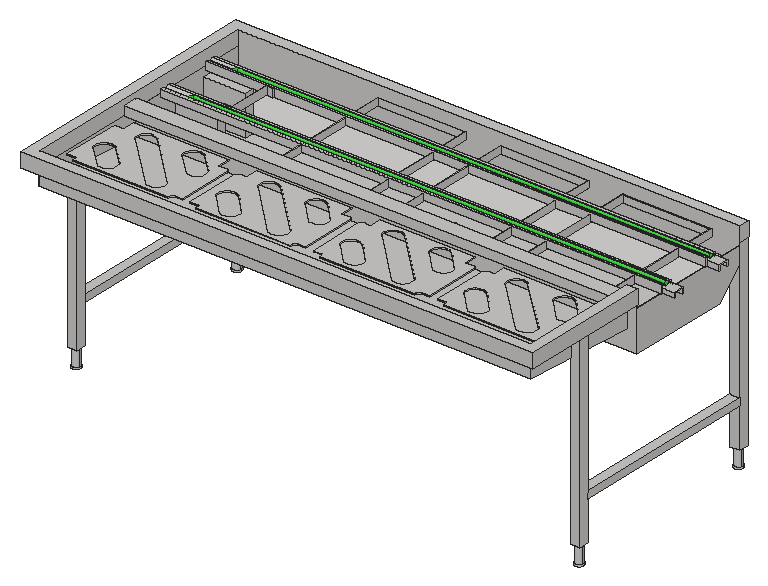
Revit family "QF_ELECTROLUXPROFESSIONAL_865470_HSAS4LR", category Specialty Equipment, Revit 2018
Family settings
  Round Connector Dimension = Use Diameter
  Part Type = Normal
  Work Plane-Based = No
  Always vertical = Yes
  Cut with Voids When Loaded = No
  Shared = No
  Room Calculation Point = No
Parameters (values of type "QF_ELECTROLUX_865470_HSAS4LR")
  Weight = 65.00 kg
  Watts = 0 W
  Volts = 0 V
  URL Manufacturer = "http://professional.electrolux.com"
  URL = "http://professional.electrolux.com"
  Steam Supply Size = 0 mm
  Steam Supply Minimum Pressure = 0.0 Pa
  Steam Supply Maximum Pressure = 0.0 Pa
  Steam Pounds per Hour = 0
  Refrigeration Suction Line Size = 0 mm
  Refrigeration Liquid Line Size = 0 mm
  Refrigerant Compressor Remote = yes
  Manufacturer = "Electrolux"
  Phase = 0
  Model = "HSAS4LR"
  Length Actual = 2130 mm  # constant formula
  Item Number = "865470"
  Hot Water Size = 0 mm
  Height Actual = 910 mm  # constant formula
  HP = "0 HP"
  Gas Size = 0 mm
  Gas KW = 0
  Gas Input Pressure = 0 W
  Description = "AUTOMATIC SORTING TABLE, 4 BASKETS, LEFT>RIGHT, 2130 MM "
  Depth Actual = 1110 mm  # constant formula
  Cycle = 0 Hz
  Condensate Return Size = 0 mm
  Compressed Air Volume = 0.0 L/s
  Compressed Air Size = 0 mm
  Compressed Air Pressure = 0.0 Pa
  Cold Water Size = 0 mm
  Accessory = yes
Reference planes
  plane 1: z = 0
  plane 2 "RIGHT": x = 810
  plane 3: z = 910
  plane 4: z = 0
  plane 5: z = 270
  plane 6 "BACK": y = 310
  plane 7 "FRONT": y = -810
  plane 8 "LEFT": x = -1320
  plane 9 "Center": y = 0
  plane 10: x = -255
  plane 11: y = 0
  plane 12: y = 94.393
  plane 13: y = 134.393
Forms (mm)
  Extrusion 1, solid, material "QF_Finishes_Stainless Steel"
    sketch origin (0, 0, 0) x (-1, 0, 0) y (0, -1, 0)
      loop
        line (1320, 810) -> (-810, 810) -> (-810, 265) -> (-765, 265) -> (-765, 764.81) -> (1275, 764.81) -> (1275, -265) -> (-810, -265) -> (-810, -310) -> (1320, -310) -> (1320, 810)
    from 850.091 to 910
  Extrusion 2, solid, material "QF_Finishes_Stainless Steel"
    sketch origin (0, 0, 0) x (0, 1, 0) y (0, 0, -1)
      loop
        line (-267.466, -666.943) -> (-267.466, -850.091) -> (-265, -850.091) -> (-265, -669.943) -> (161.279, -669.943) -> (265, -775.136) -> (265, -850.091) -> (266.249, -850.091) -> (266.249, -772.13) -> (162.534, -666.943) -> (-267.466, -666.943)
    from -807.022 to 1275
  Revolve 3, solid, material "QF_Finishes_Stainless Steel"
    sketch origin (-255, 0.526, -194.395) x (-1, 0, 0) y (0, 0, -1)
      loop
        line (76.494, -861.337) -> (76.494, -847.59)
        arc (76.494, -847.59) -> (75.89, -845.987) -> (74.39, -845.16) r 2.474
        arc (74.39, -845.16) -> (71.083, -841.301) -> (74.377, -837.43) r 3.913
        arc (74.377, -837.43) -> (75.887, -836.598) -> (76.494, -834.985) r 2.49
        line (76.494, -834.985) -> (76.494, -794.661)
        arc (76.494, -794.661) -> (65.844, -763.962) -> (38.457, -746.476) r 49.516
        line (38.457, -746.476) -> (38.457, -743.987) -> (37.25, -742.336) -> (37.25, -740.749) -> (23.47, -734.749) -> (23.47, -698.838) -> (21.946, -697.377) -> (0, -697.377) -> (0, -861.337) -> (76.494, -861.337)
      axis (0, -861.337) -> (0, -697.377)
    angle from 0 to 360
  Extrusion 4, solid, material "QF_Finishes_Stainless Steel"
    sketch origin (0, 0, 0) x (-1, 0, 0) y (0, -1, 0)
      loop
        line (-765, 330.124) -> (-765, 265) -> (1275, 265) -> (1275, 330.124) -> (-765, 330.124)
    from 850.091 to 888.506
  Extrusion 5, solid, material "QF_Finishes_Stainless Steel"
    sketch origin (6.015, 0, -632.691) x (-1, 0, 0) y (0, -1, 0)
      loop
        line (1283.015, -266.249) -> (1323.015, -266.249) -> (1323.015, 521.738) -> (1283.015, 521.738) -> (1283.015, -266.249)
    from 872.691 to 902.691
  Extrusion 6, solid, material "QF_Finishes_Stainless Steel"
    sketch origin (809.022, 0, 0) x (0, 1, 0) y (0, 0, 1)
      loop
        line (162.534, 666.943) -> (266.249, 772.13) -> (266.249, 850.091) -> (265, 850.091) -> (265, 836.936) -> (-267.466, 836.936) -> (-267.466, 666.943) -> (162.534, 666.943)
    from 0 to -2
  Extrusion 7, solid, material "QF_Finishes_Stainless Steel"
    sketch origin (-513.978, 0.054, -628.981) x (1, 0, 0) y (0, 1, 0)
      loop
        line (1283, 266.195) -> (1283, -521.792) -> (1323, -521.792) -> (1323, 266.195) -> (1283, 266.195)
    from 869.081 to 898.981
  Extrusion 8, solid, material "QF_Finishes_Stainless Steel"
    sketch origin (-1277, 0, 0) x (0, 1, 0) y (0, 0, -1)
      loop
        line (162.534, -666.943) -> (-267.466, -666.943) -> (-267.466, -850.091) -> (265, -850.091) -> (266.249, -850.091) -> (266.249, -772.13) -> (162.534, -666.943)
    from 0 to -2
  Extrusion 9, solid, material "QF_Finishes_Stainless Steel"
    sketch origin (809.022, 0, 0) x (0, 1, 0) y (0, 0, 1)
      loop
        line (94.393, 836.936) -> (94.393, 856.936) -> (134.393, 856.936) -> (134.393, 836.936) -> (136.393, 836.936) -> (136.393, 858.936) -> (92.393, 858.936) -> (92.393, 836.936) -> (94.393, 836.936)
    from -2086.022 to 53.111
  Extrusion 10, solid, material "QF_Finishes_Stainless Steel"
    sketch origin (809.022, 0, 0) x (0, 1, 0) y (0, 0, 1)
      loop
        line (92.393, 836.936) -> (92.393, 866.936) -> (102.393, 866.936) -> (110.393, 858.936) -> (118.393, 858.936) -> (126.393, 866.936) -> (136.393, 866.936) -> (136.393, 836.936) -> (138.393, 836.936) -> (138.393, 868.936) -> (125.565, 868.936) -> (117.565, 860.936) -> (111.221, 860.936) -> (103.221, 868.936) -> (90.393, 868.936) -> (90.393, 836.936) -> (92.393, 836.936)
    from -2084.022 to 0.978
  Extrusion 11, solid, material "QF_Finishes_Stainless Steel"
    sketch origin (809.022, -230, 0) x (0, 1, 0) y (0, 0, 1)
      loop
        line (94.393, 836.936) -> (94.393, 856.936) -> (134.393, 856.936) -> (134.393, 836.936) -> (136.393, 836.936) -> (136.393, 858.936) -> (92.393, 858.936) -> (92.393, 836.936) -> (94.393, 836.936)
    from -2086.022 to 53.111
  Extrusion 12, solid, material "QF_Finishes_Stainless Steel"
    sketch origin (809.022, -230, 0) x (0, 1, 0) y (0, 0, 1)
      loop
        line (92.393, 836.936) -> (92.393, 866.936) -> (102.393, 866.936) -> (110.393, 858.936) -> (118.393, 858.936) -> (126.393, 866.936) -> (136.393, 866.936) -> (136.393, 836.936) -> (138.393, 836.936) -> (138.393, 868.936) -> (125.565, 868.936) -> (117.565, 860.936) -> (111.221, 860.936) -> (103.221, 868.936) -> (90.393, 868.936) -> (90.393, 836.936) -> (92.393, 836.936)
    from -2084.022 to 0.978
  Sweep 13, solid, material "QF_Finishes_Green"
    path origin (299.022, -109.42, 875.352) x (0, 0.0016, 0.999999) y (-1, 0, 0)
      loop
        line (-6.295, -510.978) -> (-6.295, 1449.022)
        arc (-6.295, 1449.022) -> (-15.081, 1470.236) -> (-36.295, 1479.022) r 30
        line (-36.295, 1479.022) -> (-41.295, 1479.022)
    profile origin (-170, -109.431, 869.057) x (0, -0.0016, -0.999999) y (0, -0.999999, 0.0016)
      loop
        circle (1.513, 6.483) r 6.399
  Sweep 14, solid, material "QF_Finishes_Green"
    path origin (299.022, 120.58, 875.352) x (0, 0.0016, 0.999999) y (-1, 0, 0)
      loop
        line (-6.295, -510.978) -> (-6.295, 1449.022)
        arc (-6.295, 1449.022) -> (-15.081, 1470.236) -> (-36.295, 1479.022) r 30
        line (-36.295, 1479.022) -> (-41.295, 1479.022)
    profile origin (-170, 120.569, 869.057) x (0, -0.0016, -0.999999) y (0, -0.999999, 0.0016)
      loop
        circle (1.513, 6.483) r 6.399
  Extrusion 15, solid, material "QF_Finishes_Stainless Steel"
    sketch origin (0, 0, 0) x (1, 0, 0) y (0, 1, 0)
      loop
        line (-662.58, -265) -> (-662.58, -262) -> (-691.789, -262) -> (-691.789, 262) -> (-330.015, 262) -> (-330.015, -262) -> (-359.388, -262) -> (-359.388, -265) -> (-327.015, -265) -> (-327.015, 265) -> (-694.789, 265) -> (-694.789, -265) -> (-662.58, -265)
    from 831.234 to 860.936
  Extrusion 16, solid, material "QF_Finishes_Stainless Steel"
    sketch origin (510, 0, 0) x (1, 0, 0) y (0, 1, 0)
      loop
        line (-662.58, -265) -> (-662.58, -262) -> (-691.789, -262) -> (-691.789, 262) -> (-330.015, 262) -> (-330.015, -262) -> (-359.388, -262) -> (-359.388, -265) -> (-327.015, -265) -> (-327.015, 265) -> (-694.789, 265) -> (-694.789, -265) -> (-662.58, -265)
    from 831.234 to 860.936
  Extrusion 17, solid, material "QF_Finishes_Stainless Steel"
    sketch origin (0, 0, 0) x (1, 0, 0) y (0, 1, 0)
      loop
        line (-1247.085, 53.571) -> (-1072.085, 53.571) -> (-1072.085, 90.393) -> (-1247.085, 90.393) -> (-1247.085, 53.571)
    from 669.943 to 836.936
  Extrusion 18, solid, material "QF_Finishes_Stainless Steel"
    sketch origin (0, -145.178, 0) x (1, 0, 0) y (0, 1, 0)
      loop
        line (-1247.085, 53.571) -> (-1072.085, 53.571) -> (-1072.085, 90.393) -> (-1247.085, 90.393) -> (-1247.085, 53.571)
    from 669.943 to 836.936
  Extrusion 19, solid, material "QF_Finishes_Stainless Steel"
    sketch origin (0, 0, 0) x (1, 0, 0) y (0, 1, 0)
      loop
        line (-1047.085, -91.607) -> (-1015.387, -91.607) -> (-1015.387, 87.393) -> (-987.085, 87.393) -> (-987.085, 90.393) -> (-1018.387, 90.393) -> (-1018.387, -88.607) -> (-1047.085, -88.607) -> (-1047.085, -91.607)
    from 836.936 to 868.936
  Extrusion 20, solid, material "QF_Finishes_Stainless Steel"
    sketch origin (809.022, 0, 0) x (0, 1, 0) y (0, 0, 1)
      loop
        line (-767.81, 850.091) -> (-767.81, 782.048) -> (-267.466, 747.061) -> (-267.466, 850.091) -> (-270.466, 850.091) -> (-270.466, 750.278) -> (-764.81, 784.846) -> (-764.81, 850.091) -> (-767.81, 850.091)
    from -2084.022 to -42
  Extrusion 21, solid, material "QF_Finishes_Stainless Steel"
    sketch origin (809.022, 0, 0) x (0, 1, 0) y (0, 0, 1)
      loop
        line (-767.81, 850.091) -> (-767.81, 782.048) -> (-267.466, 747.061) -> (-267.466, 850.091) -> (-767.81, 850.091)
    from -40 to -42
  Extrusion 22, solid, material "QF_Finishes_Stainless Steel"
    sketch origin (-1319.022, 0, 0) x (0, 1, 0) y (0, 0, -1)
      loop
        line (-767.81, -850.091) -> (-267.466, -850.091) -> (-267.466, -747.061) -> (-767.81, -782.048) -> (-767.81, -850.091)
    from -42.022 to -44.022
  Extrusion 23, solid, material "QF_Finishes_Stainless Steel"
    sketch origin (-5, 0, 842.5) x (1, 0, 0) y (0, 1, 0)
      loop
        line (-1220.383, -339.221) -> (-1220.383, -389.221) -> (-1240.383, -389.221)
        arc (-1240.383, -389.221) -> (-1254.525, -395.078) -> (-1260.383, -409.221) r 20
        line (-1260.383, -409.221) -> (-1260.383, -634.221) -> (-1230.383, -634.221)
        arc (-1230.383, -634.221) -> (-1223.312, -637.149) -> (-1220.383, -644.221) r 10
        line (-1220.383, -644.221) -> (-1220.383, -654.221) -> (-825.383, -654.221) -> (-825.383, -649.221)
        arc (-825.383, -649.221) -> (-820.989, -638.614) -> (-810.383, -634.221) r 15
        line (-810.383, -634.221) -> (-780.383, -634.221) -> (-780.383, -404.221)
        arc (-780.383, -404.221) -> (-784.776, -393.614) -> (-795.383, -389.221) r 15
        line (-795.383, -389.221) -> (-825.383, -389.221) -> (-825.383, -339.221) -> (-1220.383, -339.221)
      loop
        line (-1214.7, -558.44) -> (-1138.92, -634.221)
        arc (-1138.92, -634.221) -> (-1092.336, -627.771) -> (-1085.887, -581.188) r 38.966
        line (-1085.887, -581.188) -> (-1161.667, -505.407)
        arc (-1161.667, -505.407) -> (-1214.7, -505.407) -> (-1214.7, -558.44) r 37.5
      loop
        line (-1146.92, -425.368) -> (-943.092, -629.196)
        arc (-943.092, -629.196) -> (-895.135, -629.379) -> (-883.322, -582.9) r 38.966
        line (-883.322, -582.9) -> (-1093.887, -372.335)
        arc (-1093.887, -372.335) -> (-1146.92, -372.335) -> (-1146.92, -425.368) r 37.5
      loop
        line (-956.718, -418.538) -> (-880.938, -494.319)
        arc (-880.938, -494.319) -> (-834.354, -487.869) -> (-827.905, -441.286) r 38.966
        line (-827.905, -441.286) -> (-903.685, -365.505)
        arc (-903.685, -365.505) -> (-956.718, -365.505) -> (-956.718, -418.538) r 37.5
    from 0 to 3
  Extrusion 24, solid, material "QF_Finishes_Stainless Steel"
    sketch origin (505, 0, 842.5) x (1, 0, 0) y (0, 1, 0)
      loop
        line (-1220.383, -339.221) -> (-1220.383, -389.221) -> (-1240.383, -389.221)
        arc (-1240.383, -389.221) -> (-1254.525, -395.078) -> (-1260.383, -409.221) r 20
        line (-1260.383, -409.221) -> (-1260.383, -634.221) -> (-1230.383, -634.221)
        arc (-1230.383, -634.221) -> (-1223.312, -637.149) -> (-1220.383, -644.221) r 10
        line (-1220.383, -644.221) -> (-1220.383, -654.221) -> (-825.383, -654.221) -> (-825.383, -649.221)
        arc (-825.383, -649.221) -> (-820.989, -638.614) -> (-810.383, -634.221) r 15
        line (-810.383, -634.221) -> (-780.383, -634.221) -> (-780.383, -404.221)
        arc (-780.383, -404.221) -> (-784.776, -393.614) -> (-795.383, -389.221) r 15
        line (-795.383, -389.221) -> (-825.383, -389.221) -> (-825.383, -339.221) -> (-1220.383, -339.221)
      loop
        line (-1214.7, -558.44) -> (-1138.92, -634.221)
        arc (-1138.92, -634.221) -> (-1092.336, -627.771) -> (-1085.887, -581.188) r 38.966
        line (-1085.887, -581.188) -> (-1161.667, -505.407)
        arc (-1161.667, -505.407) -> (-1214.7, -505.407) -> (-1214.7, -558.44) r 37.5
      loop
        line (-1146.92, -425.368) -> (-943.092, -629.196)
        arc (-943.092, -629.196) -> (-895.135, -629.379) -> (-883.322, -582.9) r 38.966
        line (-883.322, -582.9) -> (-1093.887, -372.335)
        arc (-1093.887, -372.335) -> (-1146.92, -372.335) -> (-1146.92, -425.368) r 37.5
      loop
        line (-956.718, -418.538) -> (-880.938, -494.319)
        arc (-880.938, -494.319) -> (-834.354, -487.869) -> (-827.905, -441.286) r 38.966
        line (-827.905, -441.286) -> (-903.685, -365.505)
        arc (-903.685, -365.505) -> (-956.718, -365.505) -> (-956.718, -418.538) r 37.5
    from 0 to 3
  Extrusion 25, solid, material "QF_Finishes_Stainless Steel"
    sketch origin (1020, 0, 842.5) x (1, 0, 0) y (0, 1, 0)
      loop
        line (-1220.383, -339.221) -> (-1220.383, -389.221) -> (-1240.383, -389.221)
        arc (-1240.383, -389.221) -> (-1254.525, -395.078) -> (-1260.383, -409.221) r 20
        line (-1260.383, -409.221) -> (-1260.383, -634.221) -> (-1230.383, -634.221)
        arc (-1230.383, -634.221) -> (-1223.312, -637.149) -> (-1220.383, -644.221) r 10
        line (-1220.383, -644.221) -> (-1220.383, -654.221) -> (-825.383, -654.221) -> (-825.383, -649.221)
        arc (-825.383, -649.221) -> (-820.989, -638.614) -> (-810.383, -634.221) r 15
        line (-810.383, -634.221) -> (-780.383, -634.221) -> (-780.383, -404.221)
        arc (-780.383, -404.221) -> (-784.776, -393.614) -> (-795.383, -389.221) r 15
        line (-795.383, -389.221) -> (-825.383, -389.221) -> (-825.383, -339.221) -> (-1220.383, -339.221)
      loop
        line (-1214.7, -558.44) -> (-1138.92, -634.221)
        arc (-1138.92, -634.221) -> (-1092.336, -627.771) -> (-1085.887, -581.188) r 38.966
        line (-1085.887, -581.188) -> (-1161.667, -505.407)
        arc (-1161.667, -505.407) -> (-1214.7, -505.407) -> (-1214.7, -558.44) r 37.5
      loop
        line (-1146.92, -425.368) -> (-943.092, -629.196)
        arc (-943.092, -629.196) -> (-895.135, -629.379) -> (-883.322, -582.9) r 38.966
        line (-883.322, -582.9) -> (-1093.887, -372.335)
        arc (-1093.887, -372.335) -> (-1146.92, -372.335) -> (-1146.92, -425.368) r 37.5
      loop
        line (-956.718, -418.538) -> (-880.938, -494.319)
        arc (-880.938, -494.319) -> (-834.354, -487.869) -> (-827.905, -441.286) r 38.966
        line (-827.905, -441.286) -> (-903.685, -365.505)
        arc (-903.685, -365.505) -> (-956.718, -365.505) -> (-956.718, -418.538) r 37.5
    from 0 to 3
  Extrusion 26, solid, material "QF_Finishes_Stainless Steel"
    sketch origin (1020, 0, 0) x (1, 0, 0) y (0, 1, 0)
      loop
        line (-662.58, -265) -> (-662.58, -262) -> (-691.789, -262) -> (-691.789, 262) -> (-330.015, 262) -> (-330.015, -262) -> (-359.388, -262) -> (-359.388, -265) -> (-327.015, -265) -> (-327.015, 265) -> (-694.789, 265) -> (-694.789, -265) -> (-662.58, -265)
    from 831.234 to 860.936
  Extrusion 27, solid, material "QF_Finishes_Stainless Steel"
    sketch origin (1535, 0, 842.5) x (1, 0, 0) y (0, 1, 0)
      loop
        line (-1220.383, -339.221) -> (-1220.383, -389.221) -> (-1240.383, -389.221)
        arc (-1240.383, -389.221) -> (-1254.525, -395.078) -> (-1260.383, -409.221) r 20
        line (-1260.383, -409.221) -> (-1260.383, -634.221) -> (-1230.383, -634.221)
        arc (-1230.383, -634.221) -> (-1223.312, -637.149) -> (-1220.383, -644.221) r 10
        line (-1220.383, -644.221) -> (-1220.383, -654.221) -> (-825.383, -654.221) -> (-825.383, -649.221)
        arc (-825.383, -649.221) -> (-820.989, -638.614) -> (-810.383, -634.221) r 15
        line (-810.383, -634.221) -> (-780.383, -634.221) -> (-780.383, -404.221)
        arc (-780.383, -404.221) -> (-784.776, -393.614) -> (-795.383, -389.221) r 15
        line (-795.383, -389.221) -> (-825.383, -389.221) -> (-825.383, -339.221) -> (-1220.383, -339.221)
      loop
        line (-1214.7, -558.44) -> (-1138.92, -634.221)
        arc (-1138.92, -634.221) -> (-1092.336, -627.771) -> (-1085.887, -581.188) r 38.966
        line (-1085.887, -581.188) -> (-1161.667, -505.407)
        arc (-1161.667, -505.407) -> (-1214.7, -505.407) -> (-1214.7, -558.44) r 37.5
      loop
        line (-1146.92, -425.368) -> (-943.092, -629.196)
        arc (-943.092, -629.196) -> (-895.135, -629.379) -> (-883.322, -582.9) r 38.966
        line (-883.322, -582.9) -> (-1093.887, -372.335)
        arc (-1093.887, -372.335) -> (-1146.92, -372.335) -> (-1146.92, -425.368) r 37.5
      loop
        line (-956.718, -418.538) -> (-880.938, -494.319)
        arc (-880.938, -494.319) -> (-834.354, -487.869) -> (-827.905, -441.286) r 38.966
        line (-827.905, -441.286) -> (-903.685, -365.505)
        arc (-903.685, -365.505) -> (-956.718, -365.505) -> (-956.718, -418.538) r 37.5
    from 0 to 3
Cuts and joins
  joined: Extrusion 1, Extrusion 2, Revolve 3, Extrusion 4, Extrusion 6
  joined: Extrusion 10, Extrusion 12, Extrusion 15, Extrusion 16, Extrusion 26
Lines and regions (mm)
  Split face 1
    outline origin (-1020, -265, 669.943) x (1, 0, 0) y (0, 1, 0)
      loop
        circle (765, 265) r 76.496
  Split face 2
    outline origin (-1020, -265, 669.943) x (1, 0, 0) y (0, 1, 0)
      loop
        circle (765, 265) r 56.496
  Split face 3
    outline origin (-1020, -265, 669.943) x (1, 0, 0) y (0, 1, 0)
      loop
        circle (765, 265) r 36.496
  Split face 4
    outline origin (-1020, -265, 669.943) x (1, 0, 0) y (0, 1, 0)
      loop
        circle (765, 265) r 16.496
  symbolic lines
    curve 1: line (-1320, 310, 0) -> (810, 310, 0)
    curve 2: line (-1320, -810, 0) -> (-1320, 310, 0)
    curve 3: line (810, -810, 0) -> (-1320, -810, 0)
    curve 4: line (810, 310, 0) -> (810, -810, 0)
    curve 5: line (-1275, 265, 0) -> (810, 265, 0)
    curve 6: line (-1275, -765, 0) -> (-1275, 265, 0)
    curve 7: line (765, -765, 0) -> (-1275, -765, 0)
    curve 8: line (-1275, -265, 0) -> (810, -265, 0)
    curve 9: line (765, -330.124, 0) -> (-1275, -330.124, 0)
    curve 10: line (765, -765, 0) -> (765, -330.124, 0)
    curve 11: line (810, 0, 0) -> (780, 0, 0)
    curve 12: arc (-178.504, 0, 0) -> (-255, -76.496, 0) -> (-331.496, 0, 0) r 76.496
    curve 13: arc (-331.496, 0, 0) -> (-255, 76.496, 0) -> (-178.504, 0, 0) r 76.496
    curve 14: arc (-271.496, 0, 0) -> (-255, -16.496, 0) -> (-238.504, 0, 0) r 16.496
    curve 15: arc (-238.504, 0, 0) -> (-255, 16.496, 0) -> (-271.496, 0, 0) r 16.496
    curve 16: line (810, 138.393, 0) -> (-1275, 138.393, 0)
    curve 17: line (-1275, 90.393, 0) -> (810, 90.393, 0)
    curve 18: line (810, -91.607, 0) -> (-1275, -91.607, 0)
    curve 19: line (-1275, -139.607, 0) -> (810, -139.607, 0)
    curve 20: line (-1275, 125.565, 0) -> (810, 125.565, 0)
    curve 21: line (-1275, 103.221, 0) -> (810, 103.221, 0)
    curve 22: line (-1275, -104.435, 0) -> (810, -104.435, 0)
    curve 23: line (-1275, -126.779, 0) -> (810, -126.779, 0)
    curve 24: line (-694.789, 265, 0) -> (-694.789, 138.393, 0)
    curve 25: line (-694.789, 90.393, 0) -> (-694.789, -91.607, 0)
    curve 26: line (-694.789, -139.607, 0) -> (-694.789, -265, 0)
    curve 27: line (-662.58, -265, 0) -> (-662.58, -262, 0)
    curve 28: line (-662.58, -262, 0) -> (-691.789, -262, 0)
    curve 29: line (-691.789, -262, 0) -> (-691.789, -139.607, 0)
    curve 30: line (-691.789, -91.607, 0) -> (-691.789, 90.393, 0)
    curve 31: line (-691.789, 138.393, 0) -> (-691.789, 262, 0)
    curve 32: line (-691.789, 262, 0) -> (-330.015, 262, 0)
    curve 33: line (-330.015, 262, 0) -> (-330.015, 138.393, 0)
    curve 34: line (-330.015, 90.393, 0) -> (-330.015, -91.607, 0)
    curve 35: line (-330.015, -139.607, 0) -> (-330.015, -262, 0)
    curve 36: line (-330.015, -262, 0) -> (-359.388, -262, 0)
    curve 37: line (-359.388, -262, 0) -> (-359.388, -265, 0)
    curve 38: line (-327.015, -265, 0) -> (-327.015, -139.607, 0)
    curve 39: line (-327.015, 90.393, 0) -> (-327.015, -91.607, 0)
    curve 40: line (-327.015, 265, 0) -> (-327.015, 138.393, 0)
    curve 41: line (-184.789, 265, 0) -> (-184.789, 138.393, 0)
    curve 42: line (-184.789, 90.393, 0) -> (-184.789, -91.607, 0)
    curve 43: line (-184.789, -139.607, 0) -> (-184.789, -265, 0)
    curve 44: line (-152.58, -265, 0) -> (-152.58, -262, 0)
    curve 45: line (-152.58, -262, 0) -> (-181.789, -262, 0)
    curve 46: line (-181.789, -262, 0) -> (-181.789, -139.607, 0)
    curve 47: line (-181.789, -91.607, 0) -> (-181.789, 90.393, 0)
    curve 48: line (-181.789, 138.393, 0) -> (-181.789, 262, 0)
    curve 49: line (-181.789, 262, 0) -> (179.985, 262, 0)
    curve 50: line (179.985, 262, 0) -> (179.985, 138.393, 0)
    curve 51: line (179.985, 90.393, 0) -> (179.985, -91.607, 0)
    curve 52: line (179.985, -139.607, 0) -> (179.985, -262, 0)
    curve 53: line (179.985, -262, 0) -> (150.612, -262, 0)
    curve 54: line (150.612, -262, 0) -> (150.612, -265, 0)
    curve 55: line (182.985, -265, 0) -> (182.985, -139.607, 0)
    curve 56: line (182.985, 90.393, 0) -> (182.985, -91.607, 0)
    curve 57: line (182.985, 265, 0) -> (182.985, 138.393, 0)
    curve 58: line (-1247.085, 90.393, 0) -> (-1247.085, 53.571, 0)
    curve 59: line (-1247.085, 53.571, 0) -> (-1072.085, 53.571, 0)
    curve 60: line (-1072.085, 53.571, 0) -> (-1072.085, 90.393, 0)
    curve 61: line (-1247.085, -91.607, 0) -> (-1247.085, -54.785, 0)
    curve 62: line (-1247.085, -54.785, 0) -> (-1072.085, -54.785, 0)
    curve 63: line (-1072.085, -54.785, 0) -> (-1072.085, -91.607, 0)
    curve 64: line (-1047.085, -91.607, 0) -> (-1047.085, -88.607, 0)
    curve 65: line (-1047.085, -88.607, 0) -> (-1018.387, -88.607, 0)
    curve 66: line (-1018.387, -88.607, 0) -> (-1018.387, 90.393, 0)
    curve 67: line (-987.085, 90.393, 0) -> (-987.085, 87.393, 0)
    curve 68: line (-987.085, 87.393, 0) -> (-1015.387, 87.393, 0)
    curve 69: line (-1015.387, 87.393, 0) -> (-1015.387, -91.607, 0)
    curve 70: line (-1225.383, -654.221, 0) -> (-830.383, -654.221, 0)
    curve 71: line (-830.383, -654.221, 0) -> (-830.383, -649.221, 0)
    curve 72: arc (-830.383, -649.221, 0) -> (-825.989, -638.614, 0) -> (-815.383, -634.221, 0) r 15
    curve 73: line (-815.383, -634.221, 0) -> (-785.383, -634.221, 0)
    curve 74: line (-785.383, -634.221, 0) -> (-785.383, -404.221, 0)
    curve 75: arc (-785.383, -404.221, 0) -> (-789.776, -393.614, 0) -> (-800.383, -389.221, 0) r 15
    curve 76: line (-800.383, -389.221, 0) -> (-830.383, -389.221, 0)
    curve 77: line (-830.383, -389.221, 0) -> (-830.383, -339.221, 0)
    curve 78: line (-830.383, -339.221, 0) -> (-1225.383, -339.221, 0)
    curve 79: line (-1225.383, -339.221, 0) -> (-1225.383, -389.221, 0)
    curve 80: line (-1225.383, -389.221, 0) -> (-1245.383, -389.221, 0)
    curve 81: arc (-1245.383, -389.221, 0) -> (-1259.525, -395.078, 0) -> (-1265.383, -409.221, 0) r 20
    curve 82: line (-1265.383, -409.221, 0) -> (-1265.383, -634.221, 0)
    curve 83: line (-1265.383, -634.221, 0) -> (-1235.383, -634.221, 0)
    curve 84: arc (-1235.383, -634.221, 0) -> (-1228.312, -637.149, 0) -> (-1225.383, -644.221, 0) r 10
    curve 85: line (-1225.383, -644.221, 0) -> (-1225.383, -654.221, 0)
    curve 86: line (-1143.92, -634.221, 0) -> (-1219.7, -558.44, 0)
    curve 87: arc (-1219.7, -558.44, 0) -> (-1219.7, -505.407, 0) -> (-1166.667, -505.407, 0) r 37.5
    curve 88: line (-1166.667, -505.407, 0) -> (-1090.887, -581.188, 0)
    curve 89: arc (-1090.887, -581.188, 0) -> (-1097.336, -627.771, 0) -> (-1143.92, -634.221, 0) r 38.966
    curve 90: line (-948.092, -629.196, 0) -> (-1151.92, -425.368, 0)
    curve 91: arc (-1151.92, -425.368, 0) -> (-1151.92, -372.335, 0) -> (-1098.887, -372.335, 0) r 37.5
    curve 92: line (-1098.887, -372.335, 0) -> (-888.322, -582.9, 0)
    curve 93: arc (-888.322, -582.9, 0) -> (-900.135, -629.379, 0) -> (-948.092, -629.196, 0) r 38.966
    curve 94: line (-885.938, -494.319, 0) -> (-961.718, -418.538, 0)
    curve 95: arc (-961.718, -418.538, 0) -> (-961.718, -365.505, 0) -> (-908.685, -365.505, 0) r 37.5
    curve 96: line (-908.685, -365.505, 0) -> (-832.905, -441.286, 0)
    curve 97: arc (-832.905, -441.286, 0) -> (-839.354, -487.869, 0) -> (-885.938, -494.319, 0) r 38.966
    curve 98: line (-755.383, -409.221, 0) -> (-755.383, -634.221, 0)
    curve 99: line (-755.383, -634.221, 0) -> (-725.383, -634.221, 0)
    curve 100: arc (-725.383, -634.221, 0) -> (-718.312, -637.149, 0) -> (-715.383, -644.221, 0) r 10
    curve 101: line (-715.383, -644.221, 0) -> (-715.383, -654.221, 0)
    curve 102: line (-715.383, -654.221, 0) -> (-320.383, -654.221, 0)
    curve 103: line (-320.383, -654.221, 0) -> (-320.383, -649.221, 0)
    curve 104: arc (-320.383, -649.221, 0) -> (-315.989, -638.614, 0) -> (-305.383, -634.221, 0) r 15
    curve 105: line (-305.383, -634.221, 0) -> (-275.383, -634.221, 0)
    curve 106: line (-275.383, -634.221, 0) -> (-275.383, -404.221, 0)
    curve 107: arc (-275.383, -404.221, 0) -> (-279.776, -393.614, 0) -> (-290.383, -389.221, 0) r 15
    curve 108: line (-290.383, -389.221, 0) -> (-320.383, -389.221, 0)
    curve 109: line (-320.383, -389.221, 0) -> (-320.383, -339.221, 0)
    curve 110: line (-320.383, -339.221, 0) -> (-715.383, -339.221, 0)
    curve 111: line (-715.383, -339.221, 0) -> (-715.383, -389.221, 0)
    curve 112: line (-715.383, -389.221, 0) -> (-735.383, -389.221, 0)
    curve 113: arc (-735.383, -389.221, 0) -> (-749.525, -395.078, 0) -> (-755.383, -409.221, 0) r 20
    curve 114: line (-656.667, -505.407, 0) -> (-580.887, -581.188, 0)
    curve 115: arc (-580.887, -581.188, 0) -> (-587.336, -627.771, 0) -> (-633.92, -634.221, 0) r 38.966
    curve 116: line (-633.92, -634.221, 0) -> (-709.7, -558.44, 0)
    curve 117: arc (-709.7, -558.44, 0) -> (-709.7, -505.407, 0) -> (-656.667, -505.407, 0) r 37.5
    curve 118: line (-438.092, -629.196, 0) -> (-641.92, -425.368, 0)
    curve 119: arc (-641.92, -425.368, 0) -> (-641.92, -372.335, 0) -> (-588.887, -372.335, 0) r 37.5
    curve 120: line (-588.887, -372.335, 0) -> (-378.322, -582.9, 0)
    curve 121: arc (-378.322, -582.9, 0) -> (-390.135, -629.379, 0) -> (-438.092, -629.196, 0) r 38.966
    curve 122: line (-375.938, -494.319, 0) -> (-451.718, -418.538, 0)
    curve 123: arc (-451.718, -418.538, 0) -> (-451.718, -365.505, 0) -> (-398.685, -365.505, 0) r 37.5
    curve 124: line (-398.685, -365.505, 0) -> (-322.905, -441.286, 0)
    curve 125: arc (-322.905, -441.286, 0) -> (-329.354, -487.869, 0) -> (-375.938, -494.319, 0) r 38.966
    curve 126: line (-240.383, -409.221, 0) -> (-240.383, -634.221, 0)
    curve 127: line (-240.383, -634.221, 0) -> (-210.383, -634.221, 0)
    curve 128: arc (-210.383, -634.221, 0) -> (-203.312, -637.149, 0) -> (-200.383, -644.221, 0) r 10
    curve 129: line (-200.383, -644.221, 0) -> (-200.383, -654.221, 0)
    curve 130: line (-200.383, -654.221, 0) -> (194.617, -654.221, 0)
    curve 131: line (194.617, -654.221, 0) -> (194.617, -649.221, 0)
    curve 132: arc (194.617, -649.221, 0) -> (199.011, -638.614, 0) -> (209.617, -634.221, 0) r 15
    curve 133: line (209.617, -634.221, 0) -> (239.617, -634.221, 0)
    curve 134: line (239.617, -634.221, 0) -> (239.617, -404.221, 0)
    curve 135: arc (239.617, -404.221, 0) -> (235.224, -393.614, 0) -> (224.617, -389.221, 0) r 15
    curve 136: line (224.617, -389.221, 0) -> (194.617, -389.221, 0)
    curve 137: line (194.617, -389.221, 0) -> (194.617, -339.221, 0)
    curve 138: line (194.617, -339.221, 0) -> (-200.383, -339.221, 0)
    curve 139: line (-200.383, -339.221, 0) -> (-200.383, -389.221, 0)
    curve 140: line (-200.383, -389.221, 0) -> (-220.383, -389.221, 0)
    curve 141: arc (-220.383, -389.221, 0) -> (-234.525, -395.078, 0) -> (-240.383, -409.221, 0) r 20
    curve 142: line (-141.667, -505.407, 0) -> (-65.887, -581.188, 0)
    curve 143: arc (-65.887, -581.188, 0) -> (-72.336, -627.771, 0) -> (-118.92, -634.221, 0) r 38.966
    curve 144: line (-118.92, -634.221, 0) -> (-194.7, -558.44, 0)
    curve 145: arc (-194.7, -558.44, 0) -> (-194.7, -505.407, 0) -> (-141.667, -505.407, 0) r 37.5
    curve 146: line (76.908, -629.196, 0) -> (-126.92, -425.368, 0)
    curve 147: arc (-126.92, -425.368, 0) -> (-126.92, -372.335, 0) -> (-73.887, -372.335, 0) r 37.5
    curve 148: line (-73.887, -372.335, 0) -> (136.678, -582.9, 0)
    curve 149: arc (136.678, -582.9, 0) -> (124.865, -629.379, 0) -> (76.908, -629.196, 0) r 38.966
    curve 150: line (139.062, -494.319, 0) -> (63.282, -418.538, 0)
    curve 151: arc (63.282, -418.538, 0) -> (63.282, -365.505, 0) -> (116.315, -365.505, 0) r 37.5
    curve 152: line (116.315, -365.505, 0) -> (192.095, -441.286, 0)
    curve 153: arc (192.095, -441.286, 0) -> (185.646, -487.869, 0) -> (139.062, -494.319, 0) r 38.966
    curve 154: line (810, 136.393, 0) -> (862.133, 136.393, 0)
    curve 155: line (862.133, 136.393, 0) -> (862.133, 92.393, 0)
    curve 156: line (862.133, 92.393, 0) -> (810, 92.393, 0)
    curve 157: line (810, -93.607, 0) -> (862.133, -93.607, 0)
    curve 158: line (862.133, -93.607, 0) -> (862.133, -137.607, 0)
    curve 159: line (862.133, -137.607, 0) -> (810, -137.607, 0)
    curve 160: line (810, 107.675, 0) -> (-1165, 107.675, 0)
    curve 161: line (-1165, 120.486, 0) -> (810, 120.486, 0)
    curve 162: arc (-1165, 107.675, 0) -> (-1171.406, 114.08, 0) -> (-1165, 120.486, 0) r 6.406
    curve 163: line (810, -122.328, 0) -> (-1165, -122.328, 0)
    curve 164: line (-1165, -109.516, 0) -> (810, -109.516, 0)
    curve 165: arc (-1165, -122.328, 0) -> (-1171.406, -115.922, 0) -> (-1165, -109.516, 0) r 6.406
    curve 166: line (274.617, -409.221, 0) -> (274.617, -634.221, 0)
    curve 167: line (274.617, -634.221, 0) -> (304.617, -634.221, 0)
    curve 168: arc (304.617, -634.221, 0) -> (311.688, -637.149, 0) -> (314.617, -644.221, 0) r 10
    curve 169: line (314.617, -644.221, 0) -> (314.617, -654.221, 0)
    curve 170: line (314.617, -654.221, 0) -> (709.617, -654.221, 0)
    curve 171: line (709.617, -654.221, 0) -> (709.617, -649.221, 0)
    curve 172: arc (709.617, -649.221, 0) -> (714.011, -638.614, 0) -> (724.617, -634.221, 0) r 15
    curve 173: line (724.617, -634.221, 0) -> (754.617, -634.221, 0)
    curve 174: line (754.617, -634.221, 0) -> (754.617, -404.221, 0)
    curve 175: arc (754.617, -404.221, 0) -> (750.224, -393.614, 0) -> (739.617, -389.221, 0) r 15
    curve 176: line (739.617, -389.221, 0) -> (709.617, -389.221, 0)
    curve 177: line (709.617, -389.221, 0) -> (709.617, -339.221, 0)
    curve 178: line (709.617, -339.221, 0) -> (314.617, -339.221, 0)
    curve 179: line (314.617, -339.221, 0) -> (314.617, -389.221, 0)
    curve 180: line (314.617, -389.221, 0) -> (294.617, -389.221, 0)
    curve 181: arc (294.617, -389.221, 0) -> (280.475, -395.078, 0) -> (274.617, -409.221, 0) r 20
    curve 182: line (373.333, -505.407, 0) -> (449.113, -581.188, 0)
    curve 183: arc (449.113, -581.188, 0) -> (442.664, -627.771, 0) -> (396.08, -634.221, 0) r 38.966
    curve 184: line (396.08, -634.221, 0) -> (320.3, -558.44, 0)
    curve 185: arc (320.3, -558.44, 0) -> (320.3, -505.407, 0) -> (373.333, -505.407, 0) r 37.5
    curve 186: line (591.908, -629.196, 0) -> (388.08, -425.368, 0)
    curve 187: arc (388.08, -425.368, 0) -> (388.08, -372.335, 0) -> (441.113, -372.335, 0) r 37.5
    curve 188: line (441.113, -372.335, 0) -> (651.678, -582.9, 0)
    curve 189: arc (651.678, -582.9, 0) -> (639.865, -629.379, 0) -> (591.908, -629.196, 0) r 38.966
    curve 190: line (654.062, -494.319, 0) -> (578.282, -418.538, 0)
    curve 191: arc (578.282, -418.538, 0) -> (578.282, -365.505, 0) -> (631.315, -365.505, 0) r 37.5
    curve 192: line (631.315, -365.505, 0) -> (707.095, -441.286, 0)
    curve 193: arc (707.095, -441.286, 0) -> (700.646, -487.869, 0) -> (654.062, -494.319, 0) r 38.966
    curve 194: line (325.211, 265, 0) -> (325.211, 138.393, 0)
    curve 195: line (325.211, 90.393, 0) -> (325.211, -91.607, 0)
    curve 196: line (325.211, -139.607, 0) -> (325.211, -265, 0)
    curve 197: line (357.42, -265, 0) -> (357.42, -262, 0)
    curve 198: line (357.42, -262, 0) -> (328.211, -262, 0)
    curve 199: line (328.211, -262, 0) -> (328.211, -139.607, 0)
    curve 200: line (328.211, -91.607, 0) -> (328.211, 90.393, 0)
    curve 201: line (328.211, 138.393, 0) -> (328.211, 262, 0)
    curve 202: line (328.211, 262, 0) -> (689.985, 262, 0)
    curve 203: line (689.985, 262, 0) -> (689.985, 138.393, 0)
    curve 204: line (689.985, 90.393, 0) -> (689.985, -91.607, 0)
    curve 205: line (689.985, -139.607, 0) -> (689.985, -262, 0)
    curve 206: line (689.985, -262, 0) -> (660.612, -262, 0)
    curve 207: line (660.612, -262, 0) -> (660.612, -265, 0)
    curve 208: line (692.985, -265, 0) -> (692.985, -139.607, 0)
    curve 209: line (692.985, 90.393, 0) -> (692.985, -91.607, 0)
    curve 210: line (692.985, 265, 0) -> (692.985, 138.393, 0)
Dimensions and locks
  plane 3 to level = 910 mm
  plane 8 "LEFT" to plane 2 "RIGHT" = 2130 mm
  plane 6 "BACK" to plane 7 "FRONT" = 1120 mm
  cut or joined group of Extrusion 1, Extrusion 2, Revolve 3, Extrusion 4, Extrusion 6 to cut or joined group of Extrusion 1, Extrusion 2, Revolve 3, Extrusion 4, Extrusion 6 = 530 mm
  plane 8 "LEFT" to plane 10 = 1065 mm
  plane 6 "BACK" to plane 11 = 310 mm
  aligned and locked: level to plane 1
Nested families
  nested 1: "Foot_40x40" at (-1302, -541.738, 0), type "Foot_40x40"
    with A 850.091 mm
  nested 2: "Foot_40x40" at (-1297, 286.249, 0), type "Foot_40x40"
    with A 850.091 mm
  nested 3: "Foot_40x40" at (789.022, -541.738, 0) x (-1, 0, 0) z (0, 0, 1), type "Foot_40x40"
    with A 850.091 mm
  nested 4: "Foot_40x40" at (789.022, 286.249, 0) x (-1, 0, 0) z (0, 0, 1), type "Foot_40x40"
    with A 850.091 mm
Connectors
  piping at (-255, 0.526, 502.983), diameter 30
    settings: on cut or joined group of Extrusion 1, Extrusion 2, Revolve 3, Extrusion 4, Extrusion 6, index 1, connector inside diameter 609.6 mm, connector length 0 mm, flow factor 0, pipe flow 0.0 L/s, pressure drop 0.0 Pa, fitting loss kfactor 0, connector angle 0.00°, fixture units 0, engagement length 0 mm, angle of deflection 0.00°, flow configuration 1, flow direction 2, fitting loss method 0, system type 16, joint type 0, gender type 0, connector reference index -1, connector utility 0, adjustable connector no, is connector primary yes, connector description "Drain"
Definition of nested family "Foot_40x40"
  Parameters
    A [instance] = 850 mm
  Reference planes
    plane 1 "Centro (Fronte/Retro)": y = 0
    plane 2: z = 0
    plane 3 "Centro (Sinistra/Destra)": x = 0
    plane 4: z = 850
  Forms (mm)
    Extrusion 1, solid
      sketch origin (0, 0, 0) x (1, 0, 0) y (0, 1, 0)
        loop
          circle (0, 0) r 18
      from 0 to 5
    Extrusion 2, solid
      sketch origin (0, 0, 5) x (1, 0, 0) y (0, 1, 0)
        loop
          circle (0, 0) r 15
      from 0 to 70
    Extrusion 3, solid
      sketch origin (0, 0, 75) x (1, 0, 0) y (0, 1, 0)
        loop
          line (-20, 20) -> (-20, -20) -> (20, -20) -> (20, 20) -> (-20, 20)
      from 0 to 775
  Dimensions and locks
    "A": plane 4 to plane 2
    aligned and locked: level to plane 2
    aligned and locked: plane 4 to Extrusion 3
    aligned and locked: Extrusion 1 to level
  Automatic sketch dimensions
    plane 1 "Centro (Fronte/Retro)" to Extrusion 1 sketch curve = 0 mm
    Extrusion 1 sketch curve to plane 3 "Centro (Sinistra/Destra)" = 0 mm
    Extrusion 3 sketch curve to Extrusion 3 sketch curve = 40 mm  (x2)
    radius of Extrusion 1 sketch curve = 18 mm
    radius of Extrusion 2 sketch curve to Extrusion 1 = 3 mm
